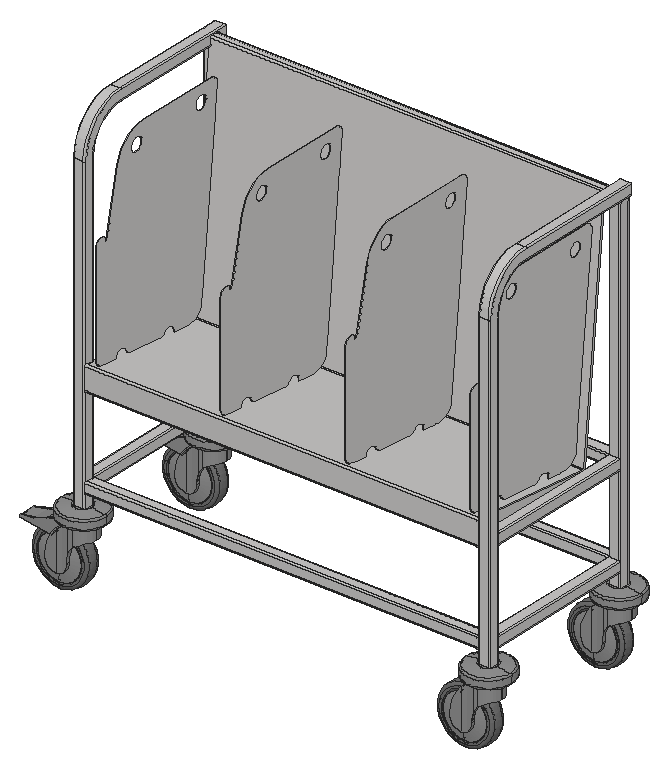
Revit family "QF_BPRO_TWH 1H_575183", category Sonderausstattung, Revit 2018
Family settings
  Bemaßung runder Anschluss = Durchmesser verwenden
  Teiletyp = Normal
  Arbeitsebenenbasiert = Nein
  Immer vertikal = Ja
  Beim Laden mit Abzugskörper schneiden = Nein
  Gemeinsam genutzt = Nein
  Raumberechnungspunkt = Nein
Parameters (values of type "TWH 1H")
  Zubehör = yes
  Warnhinweise = ""
  URL = "https://www.bpro-solutions.com/"
  Typenkommentare = "Tellerwagen"
  Tiefe = 456 mm
  Modell = "TWH 1H"
  Material Stoßschutz = QF_Plastic-Dark_Grey-Matt
  Material Rollen = QF_Plastic-Dark_Grey-Matt
  Material = QF_Metal-Stainless-Steel_general
  Länge Gerätebreite = 984 mm
  Kosten = 866.7
  Internetadresse für Ersatzteilliste = ""
  Internetadresse Gerätehersteller = "https://www.bpro-solutions.com/"
  ID [instance] = ""
  Höhe = 950 mm
  Hersteller = "B.PRO GmbH"
  Großküchengerätezuordnung = yes
  Gerätegewicht Netto = 30.00 kg
  Freiraum [instance] = no
  CE Kennzeichnung = yes
  Beschreibung durch Hersteller analog Leistungsverzeichnislangtext = "Abmessungen\n\nLänge:\t\t\t984 mm\nBreite:\t\t456 mm  \nHöhe:\t\t950 mm\n\n\nAusführung\n\nDer Tellerwagen ist komplett aus CNS 18/10 hergestellt. Das Rahmengestell besteht aus stabilem Vierkantrohr 25x25 mm. Dazwischen befindet sich die verschweißte Rückwand und das schräg zur Rückwand geneigte Abstellbord.\nAnhand der 4 einhängbaren Trennbleche lassen sich mithilfe des Lochrasters im Boden und der Rückwand die jeweiligen Tellergrößen flexibel einstellen.\nDer Wagen ist einseitig beschickbar und passend für Teller mit einem Durchmesser bis max. 260 mm. \n\nDer Tellerwagen ist fahrbar mittels rostfreien Kunststoffrollen gemäß DIN 18867-8 (4 Lenkrollen, davon 2 mit Feststeller, Rollendurchmesser 125 mm). An allen vier Ecken befinden sich runde Wandabweiser.\n\n\nTechnische Daten\n\nWerkstoff:\tCNS 18/10\t\nGesamttragfähigkeit:\t105 kg\t\nKapazität:\t150 Teller, passend für \tTeller max. 260 mm \n\t\n\nBesonderheit\n\n•\tInkl. 4 einhängbarenTrennblechen zur flexiblen Einstellung der gewünschten Tellergröße\n\n\nFabrikat\n\nHersteller:\t\t\tB.PRO\nModell:\tTWH 1H\nBest.Nr.\t575 183"
  Description = "TWH 1H\nTellerwagen für 1-seitige Beschickung,\nhohe Ausführung,\nkomplett aus rostfreiem Edelstahl,\ninkl. 4 einhängbaren Trennblechen zur\nflexiblen Einstellung auf die jeweilige\nTellergröße,\nBordmaß: 858 x 288 mm\nEntnahmehöhe unten: 455 mm\nFassungsvermögen: bis zu 150 Teller,\nø 26 cm"
  Artikel Nummer = "575183"
Reference planes
  plane 1 "Mitte (Vorne/hinten)": y = 0
  plane 2: z = 0
  plane 3 "Mitte (Links/rechts)": x = 0
  plane 4 "v": x = -441.5
  plane 5 "h": x = 441.5
  plane 6 "l": y = -177.5
  plane 7 "r": y = 177.5
  plane 8: x = 454
  plane 9: x = 429
  plane 10: y = 190
  plane 11: y = 165
Forms (mm)
  Extrusion 1, solid, visible <- "Freiraum"
    sketch origin (-330, 330.009, 0) x (1, 0, 0) y (0, 1, 0)
      loop
        line (-162.019, -101.991) -> (-162.019, -558.028) -> (822.019, -558.028) -> (822.019, -101.991) -> (-162.019, -101.991)
    from 0 to 950
  Extrusion 2, solid, material "QF_Metal-Stainless-Steel_general" <- "Material"
    sketch origin (0, 0, 0) x (1, 0, 0) y (0, 0, 1)
      loop
        arc (-451, 226) -> (-453.121, 225.121) -> (-454, 223) r 3
        line (-454, 223) -> (-454, 204)
        arc (-454, 204) -> (-453.121, 201.879) -> (-451, 201) r 3
        line (-451, 201) -> (-432, 201)
        arc (-432, 201) -> (-429.879, 201.879) -> (-429, 204) r 3
        line (-429, 204) -> (-429, 223)
        arc (-429, 223) -> (-429.879, 225.121) -> (-432, 226) r 3
        line (-432, 226) -> (-451, 226)
      loop
        line (451, 226) -> (432, 226)
        arc (432, 226) -> (429.879, 225.121) -> (429, 223) r 3
        line (429, 223) -> (429, 204)
        arc (429, 204) -> (429.879, 201.879) -> (432, 201) r 3
        line (432, 201) -> (451, 201)
        arc (451, 201) -> (453.121, 201.879) -> (454, 204) r 3
        line (454, 204) -> (454, 223)
        arc (454, 223) -> (453.121, 225.121) -> (451, 226) r 3
    from -165 to 165
  Extrusion 3, solid, material "QF_Metal-Stainless-Steel_general" <- "Material"
    sketch origin (0, 0, 0) x (0, 1, 0) y (0, 0, 1)
      loop
        arc (168, 226) -> (165.879, 225.121) -> (165, 223) r 3
        line (165, 223) -> (165, 204)
        arc (165, 204) -> (165.879, 201.879) -> (168, 201) r 3
        line (168, 201) -> (187, 201)
        arc (187, 201) -> (189.121, 201.879) -> (190, 204) r 3
        line (190, 204) -> (190, 223)
        arc (190, 223) -> (189.121, 225.121) -> (187, 226) r 3
        line (187, 226) -> (168, 226)
    from -429 to 429
  Extrusion 4, solid, material "QF_Metal-Stainless-Steel_general" <- "Material"
    sketch origin (0, 0, 200) x (0, 1, 0) y (0, 0, 1)
      loop
        line (-168, 200.156) -> (-168, 201.656) -> (-186.545, 201.656)
        arc (-186.545, 201.656) -> (-187.927, 202.229) -> (-188.5, 203.612) r 1.955
        line (-188.5, 203.612) -> (-188.5, 251.236)
        arc (-188.5, 251.236) -> (-187.828, 252.745) -> (-186.258, 253.255) r 2.03
        line (-186.258, 253.255) -> (94.933, 223.7)
        arc (94.933, 223.7) -> (97.5, 224.461) -> (98.777, 226.813) r 3.498
        line (98.777, 226.813) -> (153.047, 743.162)
        arc (153.047, 743.162) -> (153.698, 744.44) -> (155.036, 744.953) r 2
        line (155.036, 744.953) -> (168.889, 744.953)
        arc (168.889, 744.953) -> (170.3, 744.369) -> (170.885, 742.957) r 1.996
        line (170.885, 742.957) -> (170.885, 731.453) -> (172.385, 731.453) -> (172.385, 742.957)
        arc (172.385, 742.957) -> (171.361, 745.429) -> (168.889, 746.453) r 3.496
        line (168.889, 746.453) -> (155.036, 746.453)
        arc (155.036, 746.453) -> (152.695, 745.554) -> (151.556, 743.319) r 3.5
        line (151.556, 743.319) -> (97.285, 226.97)
        arc (97.285, 226.97) -> (96.556, 225.626) -> (95.09, 225.192) r 1.998
        line (95.09, 225.192) -> (-186.101, 254.747)
        arc (-186.101, 254.747) -> (-188.832, 253.859) -> (-190, 251.236) r 3.53
        line (-190, 251.236) -> (-190, 203.612)
        arc (-190, 203.612) -> (-188.988, 201.168) -> (-186.545, 200.156) r 3.455
        line (-186.545, 200.156) -> (-168, 200.156)
    from -429 to 429
  Extrusion 5, solid, material "QF_Metal-Stainless-Steel_general" <- "Material"
    sketch origin (0, 0, 200) x (0, 1, 0) y (0, 0, 1)
      loop
        line (-187, 224.676) -> (-19.744, 207.096) -> (85.814, 205.254)
        arc (85.814, 205.254) -> (92.615, 207.763) -> (95.934, 214.207) r 10
        line (95.934, 214.207) -> (96.91, 223.493) -> (-186.617, 253.292) -> (-187, 251.322) -> (-187, 224.676)
    from 427.5 to 429
  Extrusion 6, solid, material "QF_Metal-Stainless-Steel_general" <- "Material"
    sketch origin (0, 0, 200) x (0, 1, 0) y (0, 0, -1)
      loop
        line (-187, -224.676) -> (-187, -251.322) -> (-186.617, -253.292) -> (96.91, -223.493) -> (95.934, -214.207)
        arc (95.934, -214.207) -> (92.615, -207.763) -> (85.814, -205.254) r 10
        line (85.814, -205.254) -> (-19.744, -207.096) -> (-187, -224.676)
    from 427.5 to 429
  Extrusion 7, solid, material "QF_Metal-Stainless-Steel_general" <- "Material"
    sketch origin (0, 0, 0) x (1, 0, 0) y (0, 1, 0)
      loop
        line (451, 190) -> (432, 190)
        arc (432, 190) -> (429.879, 189.121) -> (429, 187) r 3
        line (429, 187) -> (429, 168)
        arc (429, 168) -> (429.879, 165.879) -> (432, 165) r 3
        line (432, 165) -> (451, 165)
        arc (451, 165) -> (453.121, 165.879) -> (454, 168) r 3
        line (454, 168) -> (454, 187)
        arc (454, 187) -> (453.121, 189.121) -> (451, 190) r 3
    from 161 to 925
  Extrusion 8, solid, material "QF_Metal-Stainless-Steel_general" <- "Material"
    sketch origin (0, 0, 0) x (-1, 0, 0) y (0, -1, 0)
      loop
        arc (451, -190) -> (453.121, -189.121) -> (454, -187) r 3
        line (454, -187) -> (454, -168)
        arc (454, -168) -> (453.121, -165.879) -> (451, -165) r 3
        line (451, -165) -> (432, -165)
        arc (432, -165) -> (429.879, -165.879) -> (429, -168) r 3
        line (429, -168) -> (429, -187)
        arc (429, -187) -> (429.879, -189.121) -> (432, -190) r 3
        line (432, -190) -> (451, -190)
    from 161 to 925
  Sweep 9, solid, material "QF_Metal-Stainless-Steel_general" <- "Material"
    path origin (0, 0, 0) x (0, 1, 0) y (0, 0, 1)
      loop
        line (195, 937.5) -> (-90, 937.5)
        arc (-90, 937.5) -> (-151.872, 911.872) -> (-177.5, 850) r 87.5
        line (-177.5, 850) -> (-177.5, 161)
    profile origin (0, 52.5, 937.5) x (0, 0, -1) y (1, 0, 0)
      loop
        arc (-12.5, -451) -> (-11.621, -453.121) -> (-9.5, -454) r 3
        line (-9.5, -454) -> (9.5, -454)
        arc (9.5, -454) -> (11.621, -453.121) -> (12.5, -451) r 3
        line (12.5, -451) -> (12.5, -432)
        arc (12.5, -432) -> (11.621, -429.879) -> (9.5, -429) r 3
        line (9.5, -429) -> (-9.5, -429)
        arc (-9.5, -429) -> (-11.621, -429.879) -> (-12.5, -432) r 3
        line (-12.5, -432) -> (-12.5, -451)
  Sweep 10, solid, material "QF_Metal-Stainless-Steel_general" <- "Material"
    path origin (0, 0, 0) x (0, 1, 0) y (0, 0, -1)
      loop
        line (195, -937.5) -> (-90, -937.5)
        arc (-90, -937.5) -> (-151.872, -911.872) -> (-177.5, -850) r 87.5
        line (-177.5, -850) -> (-177.5, -161)
    profile origin (0, 52.5, 937.5) x (0, 0, 1) y (-1, 0, 0)
      loop
        line (12.5, -451) -> (12.5, -432)
        arc (12.5, -432) -> (11.621, -429.879) -> (9.5, -429) r 3
        line (9.5, -429) -> (-9.5, -429)
        arc (-9.5, -429) -> (-11.621, -429.879) -> (-12.5, -432) r 3
        line (-12.5, -432) -> (-12.5, -451)
        arc (-12.5, -451) -> (-11.621, -453.121) -> (-9.5, -454) r 3
        line (-9.5, -454) -> (9.5, -454)
        arc (9.5, -454) -> (11.621, -453.121) -> (12.5, -451) r 3
  Extrusion 11, solid, material "QF_Metal-Stainless-Steel_general" <- "Material"
    sketch origin (0, 0, 200) x (1, 0, 0) y (0, 0, 1)
      loop
        arc (-451, 226) -> (-453.121, 225.121) -> (-454, 223) r 3
        line (-454, 223) -> (-454, 204)
        arc (-454, 204) -> (-453.121, 201.879) -> (-451, 201) r 3
        line (-451, 201) -> (-432, 201)
        arc (-432, 201) -> (-429.879, 201.879) -> (-429, 204) r 3
        line (-429, 204) -> (-429, 223)
        arc (-429, 223) -> (-429.879, 225.121) -> (-432, 226) r 3
        line (-432, 226) -> (-451, 226)
      loop
        line (451, 226) -> (432, 226)
        arc (432, 226) -> (429.879, 225.121) -> (429, 223) r 3
        line (429, 223) -> (429, 204)
        arc (429, 204) -> (429.879, 201.879) -> (432, 201) r 3
        line (432, 201) -> (451, 201)
        arc (451, 201) -> (453.121, 201.879) -> (454, 204) r 3
        line (454, 204) -> (454, 223)
        arc (454, 223) -> (453.121, 225.121) -> (451, 226) r 3
    from -165 to 165
  Extrusion 12, solid, material "QF_Metal-Stainless-Steel_general" <- "Material"
    sketch origin (0, 0, 200) x (0, 1, 0) y (0, 0, 1)
      loop
        arc (168, 226) -> (165.879, 225.121) -> (165, 223) r 3
        line (165, 223) -> (165, 204)
        arc (165, 204) -> (165.879, 201.879) -> (168, 201) r 3
        line (168, 201) -> (187, 201)
        arc (187, 201) -> (189.121, 201.879) -> (190, 204) r 3
        line (190, 204) -> (190, 223)
        arc (190, 223) -> (189.121, 225.121) -> (187, 226) r 3
        line (187, 226) -> (168, 226)
    from -429 to 429
  Extrusion 13, solid, material "QF_Metal-Stainless-Steel_general" <- "Material"
    sketch origin (0, 0, 0) x (0, -1, 0) y (0, 0, -1)
      loop
        line (168, -226) -> (187, -226)
        arc (187, -226) -> (189.121, -225.121) -> (190, -223) r 3
        line (190, -223) -> (190, -204)
        arc (190, -204) -> (189.121, -201.879) -> (187, -201) r 3
        line (187, -201) -> (168, -201)
        arc (168, -201) -> (165.879, -201.879) -> (165, -204) r 3
        line (165, -204) -> (165, -223)
        arc (165, -223) -> (165.879, -225.121) -> (168, -226) r 3
    from -429 to 429
Cuts and joins
  joined: Extrusion 7, Sweep 10
  joined: Extrusion 8, Sweep 9
Dimensions and locks
  aligned and locked: level to plane 2
Nested families
  nested 1: "Rolle_125mm_Typ1_1" at (-441.5, 177.5, 0) x (0, -1, 0) z (0, 0, 1), type "Bremse ohne Platte"
  nested 2: "Rolle_125mm_Typ1_1" at (-441.5, -177.5, 0) x (0, -1, 0) z (0, 0, 1), type "Bremse ohne Platte"
  nested 3: "Rolle_125mm_Typ1_1" at (441.5, -177.5, 0) x (0, -1, 0) z (0, 0, 1), type "ohne Bremse ohne Platte"
  nested 4: "Rolle_125mm_Typ1_1" at (441.5, 177.5, 0) x (0, -1, 0) z (0, 0, 1), type "ohne Bremse ohne Platte"
  nested 5: "Stoßschutz_Typ1" at (441.5, 177.5, 173), type "Stoßschutz_Typ1"
  nested 6: "Stoßschutz_Typ1" at (441.5, -177.5, 173), type "Stoßschutz_Typ1"
  nested 7: "Stoßschutz_Typ1" at (-441.5, -177.5, 173), type "Stoßschutz_Typ1"
  nested 8: "Stoßschutz_Typ1" at (-441.5, 177.5, 173), type "Stoßschutz_Typ1"
  nested 9: "Trennwand_Typ1" at (-408, -185.368, 426), type "Trennwand_Typ1"
  nested 10: "Trennwand_Typ1" at (-136, -185.368, 426), type "Trennwand_Typ1"
  nested 11: "Trennwand_Typ1" at (136, -185.368, 426), type "Trennwand_Typ1"
  nested 12: "Trennwand_Typ1" at (408, -185.368, 426), type "Trennwand_Typ1"
Definition of nested family "Rolle_125mm_Typ1_1"
  Parameters (values of type "Bremse ohne Platte")
    Meterial Felge = none
    Material Rolle = none
    Material Korpus = none
    Bremse = yes
    Befestigungsplatte = no
  Types (4, lengths in mm): name | Bremse | Befestigungsplatte
    Bremse und Platte | yes | yes
    Bremse ohne Platte | yes | no
    ohne Bremse mit Platte | no | yes
    ohne Bremse ohne Platte | no | no
  Reference planes
    plane 1 "Mitte (Vorne/hinten)": y = 0
    plane 2: z = 0
    plane 3 "Mitte (Links/rechts)": x = 0
    plane 4 "achse": y = -40.006
    plane 5: y = -27.583
    plane 6: y = 27.583
    plane 7: x = -19.406
    plane 8: x = 19.406
  Forms (mm)
    Extrusion 1, solid, material <- "Material Korpus"
      sketch origin (0, 0, 0) x (0, 1, 0) y (0, 0, 1)
        loop
          arc (29.483, 153.125) -> (-36.251, 126.766) -> (-66.01, 62.5) r 95.978
          arc (-66.01, 62.5) -> (-40.006, 36.495) -> (-14.001, 62.5) r 26.005
          arc (-14.001, 62.5) -> (-2.667, 96.712) -> (29.483, 112.998) r 47.282
          line (29.483, 112.998) -> (29.483, 153.125)
      from -29.5 to 29.5
    Extrusion 2, void
      sketch origin (0, 0, 0) x (1, 0, 0) y (0, 1, 0)
        loop
          arc (29.5, 0) -> (29.227, -5.123) -> (28.412, -10.188) r 48.241
          arc (28.412, -10.188) -> (26.103, -25.015) -> (25.536, -40.009) r 128.719
          arc (25.536, -40.009) -> (24.89, -53.073) -> (22.96, -66.01) r 132.493
          line (22.96, -66.01) -> (22.96, -71.01) -> (32.96, -71.01) -> (32.96, 33.99) -> (-32.96, 33.99) -> (-32.96, -71.01) -> (-22.96, -71.01) -> (-22.96, -66.01)
          arc (-22.96, -66.01) -> (-24.89, -53.073) -> (-25.536, -40.009) r 132.493
          arc (-25.536, -40.009) -> (-26.103, -25.015) -> (-28.412, -10.188) r 128.719
          arc (-28.412, -10.188) -> (-29.227, -5.123) -> (-29.5, 0) r 48.241
          arc (-29.5, 0) -> (0, 29.5) -> (29.5, 0) r 29.5
        loop
          arc (24.5, 0) -> (0, 24.5) -> (-24.5, 0) r 24.5
          arc (-24.5, 0) -> (-24.255, -4.592) -> (-23.525, -9.132) r 43.241
          arc (-23.525, -9.132) -> (-21.129, -24.509) -> (-20.536, -40.06) r 133.719
          arc (-20.536, -40.06) -> (-19.888, -52.85) -> (-17.96, -65.51) r 127.493
          line (-17.96, -65.51) -> (-17.96, -76.01) -> (17.96, -76.01) -> (17.96, -65.51)
          arc (17.96, -65.51) -> (19.888, -52.85) -> (20.536, -40.06) r 127.493
          arc (20.536, -40.06) -> (21.129, -24.509) -> (23.525, -9.132) r 133.719
          arc (23.525, -9.132) -> (24.255, -4.592) -> (24.5, 0) r 43.241
      from 0 to 161.3
    Extrusion 3, solid, material <- "Material Korpus"
      sketch origin (0, 0, 0) x (1, 0, 0) y (0, 1, 0)
        loop
          circle (0, 0) r 27.583
        loop
          circle (0, 0) r 22.583
      from 132.308 to 154.969
    Extrusion 4, void
      sketch origin (0, 0, 0) x (0, 1, 0) y (0, 0, 1)
        loop
          arc (29.483, 148.125) -> (-1.46, 142.58) -> (-28.669, 126.834) r 90.978
          line (-28.669, 126.834) -> (29.483, 126.834) -> (29.483, 148.125)
      from -30 to 30
    Extrusion 5, solid, material <- "Material Korpus"
      sketch origin (0, 0, 0) x (0, 1, 0) y (0, 0, 1)
        loop
          arc (0, 148.376) -> (-26.751, 134.682) -> (-47.956, 113.387) r 95.978
          line (-47.956, 113.387) -> (-43.905, 110.457)
          arc (-43.905, 110.457) -> (-24.464, 130.157) -> (0, 143.1) r 90.978
          line (0, 143.1) -> (0, 148.376)
      from -23.033 to 23
    Extrusion 6, void
      sketch origin (0, 0, 0) x (1, 0, 0) y (0, 1, 0)
        loop
          circle (-0.017, 0) r 22.583
      from 106.63 to 154.969
    Extrusion 7, void
      sketch origin (0, 0, 0) x (1, 0, 0) y (0, 1, 0)
        loop
          line (-20.288, -47.956) -> (-20.288, -52.956) -> (20.288, -52.956) -> (20.288, -47.956)
          arc (20.288, -47.956) -> (0, -27.669) -> (-20.288, -47.956) r 20.288
      from 83.979 to 153.125
    Revolve 8, solid, material <- "Material Korpus"
      sketch origin (0, 0, 0) x (0, 1, 0) y (0, 0, 1)
        loop
          line (-27.583, 155.817) -> (-22.583, 155.817) -> (-22.583, 154.969) -> (0, 154.969) -> (0, 160.495) -> (-27.583, 160.495) -> (-27.583, 155.817)
        axis (0, 160.495) -> (0, 154.969)
      angle from 0 to 360
    Extrusion 9, solid, material <- "Material Korpus", visible <- "Befestigungsplatte"
      sketch origin (0, 0, 0) x (1, 0, 0) y (0, 1, 0)
        loop
          line (30, 47.5) -> (-30, 47.5)
          arc (-30, 47.5) -> (-33.536, 46.036) -> (-35, 42.5) r 5
          line (-35, 42.5) -> (-35, -42.5)
          arc (-35, -42.5) -> (-33.536, -46.036) -> (-30, -47.5) r 5
          line (-30, -47.5) -> (30, -47.5)
          arc (30, -47.5) -> (33.536, -46.036) -> (35, -42.5) r 5
          line (35, -42.5) -> (35, 42.5)
          arc (35, 42.5) -> (33.536, 46.036) -> (30, 47.5) r 5
      from 158.8 to 161.3
    Revolve 10, solid, material <- "Material Rolle"
      sketch origin (0, -40.006, 0) x (0, 0, -1) y (1, 0, 0)
        loop
          line (-62.5, -12.996) -> (-14.712, -12.996) -> (-14.629, -14.183)
          arc (-14.629, -14.183) -> (-14.012, -15.475) -> (-12.68, -16) r 1.953
          line (-12.68, -16) -> (-7.356, -16)
          arc (-7.356, -16) -> (-3.064, -14.525) -> (-0.584, -10.724) r 6.984
          arc (-0.584, -10.724) -> (0.747, 0) -> (-0.584, 10.724) r 43.854
          arc (-0.584, 10.724) -> (-3.064, 14.525) -> (-7.356, 16) r 6.984
          line (-7.356, 16) -> (-12.68, 16)
          arc (-12.68, 16) -> (-14.012, 15.475) -> (-14.629, 14.183) r 1.953
          line (-14.629, 14.183) -> (-14.712, 12.996) -> (-62.5, 12.996) -> (-62.5, -12.996)
        axis (-62.5, -16) -> (-62.5, 16)
      angle from 0 to 360
    Revolve 11, solid, material <- "Meterial Felge"
      sketch origin (0, -40.006, 0) x (0, 0, -1) y (1, 0, 0)
        loop
          arc (-62.5, -22.767) -> (-38.311, -20.846) -> (-14.712, -15.198) r 156.034
          line (-14.712, -15.198) -> (-14.712, 15.198)
          arc (-14.712, 15.198) -> (-38.311, 20.846) -> (-62.5, 22.767) r 156.034
          line (-62.5, 22.767) -> (-62.5, -22.767)
        axis (-62.5, -22.767) -> (-62.5, 22.767)
      angle from 0 to 360
    Extrusion 12, solid, material <- "Material Korpus", visible <- "Bremse"
      sketch origin (0, 0, 0) x (0, 1, 0) y (0, 0, 1)
        loop
          arc (-49.4, 105.824) -> (-29.128, 129.052) -> (-2.377, 144.374) r 92.978
          line (-2.377, 144.374) -> (-24.983, 146.448)
          arc (-24.983, 146.448) -> (-43.484, 142.245) -> (-61.13, 135.276) r 124.365
          arc (-61.13, 135.276) -> (-90.048, 124.527) -> (-120.492, 119.527) r 160.001
          arc (-120.492, 119.527) -> (-121.721, 118.993) -> (-122.334, 117.801) r 1.991
          line (-122.334, 117.801) -> (-123.025, 112.581) -> (-49.4, 105.824)
      from -25 to 25
    Extrusion 13, void
      sketch origin (0, 0, 0) x (1, 0, 0) y (0, 1, 0)
        loop
          line (-24.687, -2.377) -> (-40, -2.377) -> (-40, -137.377) -> (-17.56, -137.377)
          arc (-17.56, -137.377) -> (-23.153, -69.984) -> (-24.687, -2.377) r 1125.228
        loop
          arc (-21.687, -2.377) -> (-20.149, -69.984) -> (-14.54, -137.377) r 1122.228
          line (-14.54, -137.377) -> (14.54, -137.377)
          arc (14.54, -137.377) -> (20.149, -69.984) -> (21.687, -2.377) r 1122.228
          line (21.687, -2.377) -> (-21.687, -2.377)
        loop
          arc (24.687, -2.377) -> (23.153, -69.984) -> (17.56, -137.377) r 1125.228
          line (17.56, -137.377) -> (40, -137.377) -> (40, -2.377) -> (24.687, -2.377)
      from 100.163 to 161.8
    Extrusion 14, void
      sketch origin (0, 0, 0) x (1, 0, 0) y (0, 1, 0)
        loop
          circle (0, 0) r 27.583
      from 83.929 to 175.029
    Extrusion 15, solid, material <- "Material Korpus", visible <- "Bremse"
      sketch origin (0, 0, 0) x (0, 1, 0) y (0, 0, 1)
        loop
          line (-12.244, 145.279) -> (-24.983, 146.448)
          arc (-24.983, 146.448) -> (-43.484, 142.245) -> (-61.13, 135.276) r 124.365
          arc (-61.13, 135.276) -> (-90.048, 124.527) -> (-120.492, 119.527) r 160.001
          arc (-120.492, 119.527) -> (-121.721, 118.993) -> (-122.334, 117.801) r 1.991
          line (-122.334, 117.801) -> (-123.013, 112.668) -> (-120.843, 112.381) -> (-120.293, 116.533)
          arc (-120.293, 116.533) -> (-89.279, 121.627) -> (-59.819, 132.578) r 163.001
          arc (-59.819, 132.578) -> (-42.769, 139.326) -> (-24.897, 143.428) r 121.365
          line (-24.897, 143.428) -> (-12.244, 142.267) -> (-12.244, 145.279)
      from -30 to 30
    Extrusion 16, void
      sketch origin (0, 0, 0) x (1, 0, 0) y (0, 1, 0)
        loop
          line (-21.718, -9.744) -> (-35.589, -9.744) -> (-35.589, -127.783) -> (-15.589, -127.783)
          arc (-15.589, -127.783) -> (-20.208, -68.844) -> (-21.718, -9.744) r 1122.228
        loop
          line (15.589, -127.783) -> (35.589, -127.783) -> (35.589, -9.744) -> (21.718, -9.744)
          arc (21.718, -9.744) -> (20.208, -68.844) -> (15.589, -127.783) r 1122.228
      from 95.424 to 163.646
  Cuts and joins
    Extrusion 2 cuts Extrusion 1
    Extrusion 4 cuts Extrusion 3
    Extrusion 6, Extrusion 7 cuts Extrusion 5
    joined: Extrusion 1, Extrusion 3, Extrusion 5
    Extrusion 13, Extrusion 14 cuts Extrusion 12
    Extrusion 14, Extrusion 16 cuts Extrusion 15
  Dimensions and locks
    aligned and locked: level to plane 2
Definition of nested family "Stoßschutz_Typ1"
  Parameters (values of type "Stoßschutz_Typ1")
    Material = none
  Reference planes
    plane 1 "Mitte (Vorne/hinten)": y = 0
    plane 2: z = 0
    plane 3 "Mitte (Links/rechts)": x = 0
    plane 4: z = -13.387
  Forms (mm)
    Revolve 1, solid, material <- "Material"
      sketch origin (0, 0, 0) x (1, 0, 0) y (0, 0, 1)
        loop
          line (0, 0) -> (-20.142, 0)
          arc (-20.142, 0) -> (-33.904, -1.519) -> (-47.593, -3.59) r 344.486
          arc (-47.593, -3.59) -> (-49.69, -4.792) -> (-50.519, -7.062) r 3.522
          line (-50.519, -7.062) -> (-50.519, -22)
          arc (-50.519, -22) -> (-49.933, -23.414) -> (-48.519, -24) r 2
          line (-48.519, -24) -> (-47.519, -24) -> (-47.519, -6.622)
          arc (-47.519, -6.622) -> (-33.8, -4.531) -> (-20.007, -3) r 341.486
          line (-20.007, -3) -> (0, -3) -> (0, 0)
        axis (0, -24) -> (0, 0)
      angle from 0 to 360
  Dimensions and locks
    aligned and locked: level to plane 2
Definition of nested family "Trennwand_Typ1"
  Parameters (values of type "Trennwand_Typ1")
    Material = none
  Reference planes
    plane 1 "Mitte (Vorne/hinten)": y = 0
    plane 2: z = 0
    plane 3 "Mitte (Links/rechts)": x = 0
  Forms (mm)
    Extrusion 1, solid, material <- "Material"
      sketch origin (0, 0, 0) x (0, 1, 0) y (0, 0, 1)
        loop
          line (313.868, 456.463) -> (131.93, 456.463)
          arc (131.93, 456.463) -> (85.155, 440.09) -> (58.803, 398.118) r 75
          line (58.803, 398.118) -> (30.768, 275.019) -> (29.932, 267.063)
          arc (29.932, 267.063) -> (25.426, 263.414) -> (21.777, 267.92) r 4.1
          line (21.777, 267.92) -> (22.238, 272.304) -> (19.523, 275.019) -> (15, 275.019)
          arc (15, 275.019) -> (4.393, 270.626) -> (0, 260.019) r 15
          line (0, 260.019) -> (0, 42.176)
          arc (0, 42.176) -> (3.853, 32.139) -> (13.432, 27.258) r 15
          line (13.432, 27.258) -> (24.565, 26.088) -> (23.723, 18.083)
          arc (23.723, 18.083) -> (24.582, 15.183) -> (27.24, 13.74) r 3.951
          line (27.24, 13.74) -> (48.132, 11.545)
          arc (48.132, 11.545) -> (51.098, 12.423) -> (52.574, 15.142) r 4.042
          line (52.574, 15.142) -> (53.406, 23.056)
          arc (53.406, 23.056) -> (65.429, 36.177) -> (81.491, 28.515) r 14.959
          arc (81.491, 28.515) -> (86.32, 21.872) -> (93.935, 18.797) r 14.902
          line (93.935, 18.797) -> (172.046, 10.587)
          arc (172.046, 10.587) -> (180.134, 12.012) -> (186.238, 17.506) r 14.902
          arc (186.238, 17.506) -> (203.542, 21.66) -> (212.574, 6.327) r 14.959
          line (212.574, 6.327) -> (211.733, -1.678)
          arc (211.733, -1.678) -> (212.592, -4.577) -> (215.25, -6.02) r 3.951
          line (215.25, -6.02) -> (236.142, -8.216)
          arc (236.142, -8.216) -> (239.108, -7.338) -> (240.584, -4.619) r 4.042
          line (240.584, -4.619) -> (241.416, 3.296) -> (252.609, 2.119)
          arc (252.609, 2.119) -> (274.624, 8.641) -> (285.58, 28.819) r 30
          line (285.58, 28.819) -> (287.566, 47.71) -> (290.05, 47.449) -> (289.748, 44.573)
          arc (289.748, 44.573) -> (290.114, 43.05) -> (291.478, 42.278) r 1.965
          line (291.478, 42.278) -> (293.013, 42.117)
          arc (293.013, 42.117) -> (295.947, 42.986) -> (297.407, 45.675) r 3.998
          line (297.407, 45.675) -> (299.198, 62.719)
          arc (299.198, 62.719) -> (298.271, 65.57) -> (295.624, 66.978) r 4.002
          line (295.624, 66.978) -> (289.657, 67.605) -> (321.537, 370.93) -> (324.022, 370.669) -> (323.72, 367.793)
          arc (323.72, 367.793) -> (324.086, 366.269) -> (325.449, 365.498) r 1.965
          line (325.449, 365.498) -> (326.984, 365.336)
          arc (326.984, 365.336) -> (329.918, 366.206) -> (331.379, 368.895) r 3.998
          line (331.379, 368.895) -> (333.17, 385.938)
          arc (333.17, 385.938) -> (332.243, 388.79) -> (329.596, 390.198) r 4.002
          line (329.596, 390.198) -> (323.628, 390.825) -> (328.786, 439.896)
          arc (328.786, 439.896) -> (325.015, 451.5) -> (313.868, 456.463) r 15
        loop
          circle (109.586, 416.429) r 15
        loop
          circle (284.586, 421.038) r 15
      from -1 to 1
  Dimensions and locks
    aligned and locked: level to plane 2
